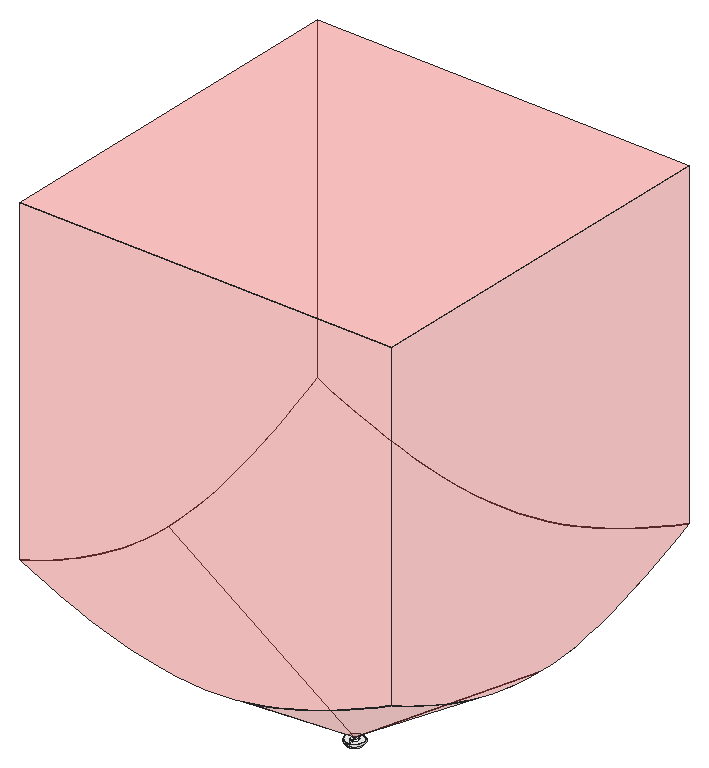
Revit family "Sensor-Lutron-Ceiling-Radio_Powr_Savr-Wireless_Occupancy_and_Vacancy-LRF2-OCR2B-P-WH", category Lighting Devices, host Face, Revit 2021
Family settings
  Host = Face
  Maintain Annotation Orientation = Yes
  Round Connector Dimension = Use Diameter
  Part Type = Normal
  OmniClass Number = 23.85.80.11.27
  OmniClass Title = Lighting Controls
  Cut with Voids When Loaded = No
  Shared = No
  Room Calculation Point = No
Parameters (values of type "LRF2-OCR2B-P-WH")
  Width = 0' - 3 73/128"  # constant formula
  Warranty URL = "https://www.lutron.com/en-US/Service-Support/Pages/Service/Warranty/Warranty.aspx"
  Voltage Comments = "Operating voltage: 3 V"  # constant formula
  Voltage = 3 V  # constant formula
  Video Link = "https://www.youtube.com/user/LutronElectronicsInc"
  Version = "2021 - v1.0a"  # constant formula
  Support Phone = "(224) 699-9545"  # constant formula
  Support Email = "mailto: support@bimsmith.com"
  Sensor Type = "Occupancy/Vacancy"  # constant formula
  Recommended Mounting Height [instance] = "Recommended for 8–12ft (2.4–3.7m) ceilings"  # constant formula
  Product Page URL = "https://www.lutron.com/en-US/Products/Pages/Sensors/Occupancy-Vacancy/WirelessRadioPowrSavr/Overview.aspx"
  Product Name = "Radio Powr Savr Wireless Occupancy Sensor"  # constant formula
  Product Documentation Link = "https://assets.lutron.com/a/documents/369480_ENG.pdf"
  Performance URL = "https://www.lutron.com/en-US/Service-Support/Pages/Technical/PerfomanceSpecs.aspx"
  Minor Motion Coverage Range = "N/A"  # constant formula
  Minimum Operating Temperature [instance] = 32 °F  # constant formula
  Maximum Operating Temperature = 104 °F  # constant formula
  Manufacturer Phone Number = "610-282-3800"  # constant formula
  Manufacturer Fax Number = "610-282-1243"  # constant formula
  Manufacturer Email = "mailto:support@lutron.com"
  Manufacturer Address = "7200 Suter Rd, Coopersburg, PA 18036"  # constant formula
  URL = "http://www.lutron.com"
  Type Comments = ""
  Series = "Radio Powr Savr"  # constant formula
  Sensor Material = Plastic - Lutron - White Gloss
  Model = "LRF2-OCR2B-P-WH"  # constant formula
  Manufacturer = "Lutron Electronics Co., Inc"  # constant formula
  Major Motion Coverage Range = "N/A"  # constant formula
  Major Motion Area Visibility [instance] = yes
  Length = 0' - 3 73/128"  # constant formula
  Keynote = "16500"
  Instruction Sheet Link = "https://assets.lutron.com/a/documents/041754.pdf"
  Infrared Coverage Visibility [instance] = yes
  Finish = Plastic - Lutron - White Gloss
  Field of View = 360.00°  # constant formula
  Description = "Dual Technology Ceiling Mount Occupancy Sensor"  # constant formula
  Depth = 0' - 1 33/256"  # constant formula
  Default Elevation = 0' - 0"
  Coverage Area = "360˚ coverage ranges from 324 ft2 (30.2 m2) to 676 ft2 (62.4 m2), depending on mounting height"  # constant formula
  Coverage = 676.00 SF  # constant formula
  Cost Info = "mailto:sales@lutron.com"
  Cost = 0
  Copyright = "© 2022 Lutron Electronics Co., Inc."  # constant formula
  C CP Right [instance] = 3' - 0"
  C CP Left [instance] = 3' - 0"
  C CP Height [instance] = 8' - 0"
  C CP Front [instance] = 3' - 0"
  C CP Back [instance] = 3' - 0"
  Assembly Code = "D5030800"
Reference planes (in)
  plane 1 "Center (Front/Back)": y = 0
  plane 2: z = 0
  plane 3 "Center (Left/Right)": x = 0
  plane 4: y = 1.78516
  plane 5: y = -1.78516
  plane 6: x = 1.78516
  plane 7: x = -1.78516
  plane 8 "top": z = 1.12891
  plane 9: z = 0.88
  plane 10: x = -36
  plane 11: x = 36
  plane 12: z = 97.12891
  plane 13: y = 36
  plane 14: y = -36
Forms (in)
  Revolve 1, solid, material "Plastic - Lutron - White Gloss" <- "Sensor Material", detail levels medium+fine
    sketch origin (0, 0, 0) x (0, 1, 0) y (0, 0, 1)
      loop
        line (0, 0) -> (0, 1.12891) -> (-0.35326, 1.12891) -> (-0.54098, 1.02909) -> (-0.6836, 0.84309) -> (-0.6836, 0.88) -> (-1.73076, 0.88) -> (-1.76526, 0.8455) -> (-1.78513, 0.56129) -> (-1.29, 0.56129) -> (-1.29, 0) -> (0, 0)
      axis (0, 1.12891) -> (0, 0)
    angle from 0 to 360
  Extrusion 2, solid, material "Plastic - Lutron - White Gloss" <- "Sensor Material", detail levels medium+fine
    sketch origin (0.55649, 0.04687, 0) x (1, 0, 0) y (0, 1, 0)
      loop
        circle (-0.29172, -0.86946) r 0.05409
    from 0.80571 to 0.93139
  Extrusion 3, solid, material "Plastic - Lutron - White Gloss" <- "Sensor Material", detail levels medium+fine
    sketch origin (0, 0.04687, 0) x (1, 0, 0) y (0, 1, 0)
      loop
        circle (-0.29172, -0.86946) r 0.05409
    from 0.80571 to 0.93139
  Revolve 4, solid, material "Plastic - Lutron - White Gloss" <- "Sensor Material", detail levels coarse
    sketch origin (0, 0, 0) x (0, 1, 0) y (0, 0, 1)
      loop
        line (0, 0) -> (0, 1.12891) -> (-0.6836, 1.12891) -> (-0.6836, 0.88) -> (-1.76284, 0.88) -> (-1.78513, 0.56129) -> (-1.29, 0.56129) -> (-1.29, 0) -> (0, 0)
      axis (0, 1.12891) -> (0, 0)
    angle from 0 to 360
Lines and regions (in)
  model lines
    curve 1: line (-0.06509, -0.76849, 0.88) -> (-0.29172, -0.76849, 0.88)
    curve 2: line (-0.06509, -0.87668, 0.88) -> (-0.29172, -0.87668, 0.88)
    curve 3: line (-0.06509, -0.89852, 0.88) -> (-0.29172, -0.89852, 0.88)
    curve 4: line (-0.06509, -0.74665, 0.88) -> (-0.29172, -0.74665, 0.88)
    curve 5: arc (-0.29172, -0.89852, 0.88) -> (-0.36766, -0.82259, 0.88) -> (-0.29172, -0.74665, 0.88) r 0.07594
    curve 6: arc (-0.29172, -0.87668, 0.88) -> (-0.34582, -0.82259, 0.88) -> (-0.29172, -0.76849, 0.88) r 0.05409
    curve 7: line (0.4914, -0.76849, 0.88) -> (0.26477, -0.76849, 0.88)
    curve 8: line (0.4914, -0.87668, 0.88) -> (0.26477, -0.87668, 0.88)
    curve 9: line (0.4914, -0.89852, 0.88) -> (0.26477, -0.89852, 0.88)
    curve 10: line (0.4914, -0.74665, 0.88) -> (0.26477, -0.74665, 0.88)
    curve 11: arc (0.26477, -0.89852, 0.88) -> (0.18883, -0.82259, 0.88) -> (0.26477, -0.74665, 0.88) r 0.07594
    curve 12: arc (0.26477, -0.87668, 0.88) -> (0.21067, -0.82259, 0.88) -> (0.26477, -0.76849, 0.88) r 0.05409
    curve 13: circle (-0.68214, -0.82259, 0.88) r 0.05409 normal (0, 0, 1)
Dimensions and locks (in)
  "Width": plane 4 to plane 5
  equal spacing: plane 4, plane 1 "Center (Front/Back)", plane 5
  "Length": plane 7 to plane 6
  equal spacing: plane 7, plane 3 "Center (Left/Right)", plane 6
  "Depth": plane 8 "top" to host face
  plane 9 to host face = 0' - 0.88"
  "C CP Front": plane 1 "Center (Front/Back)" to plane 14
  "C CP Back": plane 13 to plane 1 "Center (Front/Back)"
  "C CP Height": plane 12 to plane 8 "top"
  "C CP Right": plane 11 to plane 3 "Center (Left/Right)"
  "C CP Left": plane 3 "Center (Left/Right)" to plane 10
  aligned and locked: plane 2 to host face
  aligned and locked: level to host face
  aligned and locked: plane 3 "Center (Left/Right)" to nested 1
  aligned and locked: nested 1 to plane 1 "Center (Front/Back)"
  aligned and locked: nested 1 to plane 8 "top"
Automatic sketch dimensions
  host sketch curve to host sketch curve = 8' - 0"  (x2)
  plane 3 "Center (Left/Right)" to Extrusion 2 sketch curve = 0' - 0.26477"
  plane 1 "Center (Front/Back)" to Extrusion 2 sketch curve = 0' - 0.82259"
  Extrusion 3 sketch curve to plane 3 "Center (Left/Right)" = 0' - 0.29172"
  plane 1 "Center (Front/Back)" to Extrusion 3 sketch curve = 0' - 0.82259"
  curve 5 to curve 6 = 0' - 0"  (x2)
  curve 11 to curve 12 = 0' - 0"  (x2)
  Revolve 1 to curve 7 = 0' - 0.26477"
  curve 6 to Revolve 1 = 0' - 0.29172"
  curve 5 to curve 13 = 0' - 0.39042"
  curve 4 to curve 10 = 0' - 0"
  curve 5 to curve 1 = 0' - 0.02184"
  curve 11 to curve 7 = 0' - 0.02184"
  curve 1 to curve 13 = 0' - 0.05409"
  curve 1 to curve 6 = 0' - 0.05409"
  curve 7 to curve 12 = 0' - 0.05409"
  curve 10 to curve 11 = 0' - 0.22663"
  curve 8 to curve 10 = 0' - 0"
  curve 9 to curve 8 = 0' - 0"
  curve 7 to curve 10 = 0' - 0"
  curve 3 to Revolve 1 = 0' - 0.06509"
  curve 2 to curve 3 = 0' - 0"
  curve 1 to Revolve 1 = 0' - 0.06509"
  curve 4 to curve 1 = 0' - 0"
  Revolve 1 sketch curve to plane 9 = 0' - 0"
  Revolve 1 sketch curve to level = 0' - 0"
  Revolve 1 sketch curve to plane 8 "top" = 0' - 0"
  Revolve 1 sketch curve to plane 1 "Center (Front/Back)" = 0' - 0"  (x2)
  plane 1 "Center (Front/Back)" to Revolve 1 sketch curve = 0' - 0.35326"
  Revolve 1 sketch curve to plane 8 "top" = 0' - 0.09981"
  Revolve 1 sketch curve to Revolve 1 sketch curve = 0' - 0.18772"
  Revolve 1 sketch curve to Revolve 1 sketch curve = 0' - 0.14262"
  plane 5 to Revolve 1 sketch curve = 0' - 0.49516"
  plane 5 to Revolve 1 sketch curve = 0' - 0.05439"
  plane 5 to Revolve 1 sketch curve = 0' - 0.0199"
  plane 5 to Revolve 1 sketch curve = 0' - 0.00003"
  Revolve 1 sketch curve to plane 9 = 0' - 0.31871"
  Revolve 1 sketch curve to plane 9 = 0' - 0.0345"
  Revolve 1 sketch curve to plane 9 = 0' - 0.03691"
  Revolve 1 sketch curve to level = 0' - 0.17381"
  Revolve 1 sketch curve to Revolve 1 sketch curve = 0' - 0.69728"
  Revolve 4 sketch curve to plane 9 = 0' - 0"
  Revolve 4 sketch curve to level = 0' - 0"
  Revolve 4 sketch curve to plane 8 "top" = 0' - 0"
  Revolve 4 sketch curve to plane 1 "Center (Front/Back)" = 0' - 0"  (x2)
  plane 1 "Center (Front/Back)" to Revolve 4 sketch curve = 0' - 0 175/256"
  plane 5 to Revolve 4 sketch curve = 0' - 0.49516"
  plane 5 to Revolve 4 sketch curve = 0' - 0.02231"
  plane 5 to Revolve 4 sketch curve = 0' - 0.00003"
  Revolve 4 sketch curve to plane 9 = 0' - 0.31871"
  Revolve 4 sketch curve to level = 0' - 0.17381"
  Revolve 4 sketch curve to Revolve 4 sketch curve = 0' - 0.69728"
  radius of Extrusion 2 sketch curve = 0' - 0.05409"
  radius of Extrusion 3 sketch curve = 0' - 0.05409"
  radius of curve 13 = 0' - 0.05409"
Nested families (in)
  nested 1: "Nested_PIR Coverage" at (0, 0, 1.12891), CP Cut Height <- "C CP Height", CP Back <- "C CP Back", CP Front <- "C CP Front", CP Left <- "C CP Left", CP Right <- "C CP Right", visible <- "Infrared Coverage Visibility", type "Default"
    with CP Right Safe 3' - 0", CP Right 3' - 0", CP Left Safe 3' - 0", CP Left 3' - 0", CP Front Safe 3' - 0", CP Front 3' - 0", CP Cut Height 8' - 0", CP Back Safe 3' - 0", CP Back 3' - 0", C Cut Height Safe 8' - 0"
Connectors (in)
  electrical at (0, 0, 0)
    settings: on Revolve 1, index 1, voltage 0 V, apparent load 0 VA, apparent load phase1 0 VA, apparent load phase2 0 VA, apparent load phase3 0 VA, power factor 1, load classification "Other", number of poles 1, system type 13, power factor state 1, is connector primary yes, connector utility no, sub classification motor no, connector description "Control Connector"
Definition of nested family "Nested_PIR Coverage"
  Parameters (values of type "Default")
    Start Diameter = 0' - 0.03937"  # constant formula
    Default Elevation = 4' - 0"
    CP Right Safe [instance] = if(and(CP Left = 0' 0", CP Right = 0' 0"), 0' 0 13/128", if(CP Right < 0' 0", 0' 1 51/256", if(CP Right > End Radius, End Radius + 0' 1", CP Right)))  # 6' - 0"
    CP Right [instance] = 6' - 0"
    CP Left Safe [instance] = if(and(CP Left = 0' 0", CP Right = 0' 0"), 0' 0 13/128", if(CP Left < 0' 0", 0' 1 51/256", if(CP Left > End Radius, End Radius + 0' 1", CP Left)))  # 6' - 0"
    CP Left [instance] = 6' - 0"
    CP Front Safe [instance] = if(and(CP Back = 0' 0", CP Front = 0' 0"), 0' 0 13/128", if(CP Front < 0' 0", 0' 1 51/256", if(CP Front > End Radius, End Radius + 0' 1", CP Front)))  # 6' - 0"
    End Radius = 19' - 6 3/256"  # constant formula
    CP Cut Height [instance] = 10' - 0"
    CP Front [instance] = 6' - 0"
    CP Back [instance] = 6' - 0"
    C Cut Height Safe [instance] = if(CP Cut Height < 7' 0", 7' 0", if(CP Cut Height > 13' 0", 13' 0", CP Cut Height))  # 10' - 0"
    CP Back Safe [instance] = if(and(CP Back = 0' 0", CP Front = 0' 0"), 0' 0 13/128", if(CP Back < 0' 0", 0' 0 13/128", if(CP Back > End Radius, End Radius + 0' 1", CP Back)))  # 6' - 0"
  Reference planes (in)
    plane 1 "Center (Front/Back)": y = 0
    plane 2: z = 0
    plane 3 "Center (Left/Right)": x = 0
    plane 4: z = 120
    plane 5: z = 156
    plane 6: y = 72
    plane 7: x = 72
    plane 8: y = -72
    plane 9: x = -72
    plane 10: x = -234.03199
    plane 11: through (0, -60, 0) normal (-0.5546, 0, -0.8321)
  Forms (in)
    Blend 1, solid
      base sketch origin (0, 0, 0) x (1, 0, 0) y (0, 1, 0)
        loop
          circle (0, 0) r 0.01969
      top sketch origin (0, 0, 0) x (1, 0, 0) y (0, 1, 0)
        loop
          circle (0, 0) r 234.01172
      from 0 to 156
    Extrusion 2, void
      sketch origin (0, 0, 0) x (1, 0, 0) y (0, 0, 1)
        loop
          line (-582, 1296) -> (-582, 120) -> (734.46798, 120) -> (734.46798, 1296) -> (-582, 1296)
      from -2726.63529 to 2342.68235
    Extrusion 3, void
      sketch origin (0, 0, 0) x (1, 0, 0) y (0, 1, 0)
        loop
          line (-3096, 3480) -> (-3096, -2904) -> (3192, -2904) -> (3192, 3480) -> (-3096, 3480)
        loop
          line (-72, 72) -> (-72, -72) -> (72, -72) -> (72, 72) -> (-72, 72)
      from 0 to 156
  Cuts and joins
    Extrusion 2, Extrusion 3 cuts Blend 1
  Dimensions and locks (in)
    "C Cut Height Safe": plane 4 to level
    "CP Right Safe": plane 3 "Center (Left/Right)" to plane 7
    "CP Left Safe": plane 9 to plane 3 "Center (Left/Right)"
    "CP Back Safe": plane 1 "Center (Front/Back)" to plane 6
    "CP Front Safe": plane 8 to plane 1 "Center (Front/Back)"
    plane 7 to plane 9 = 12' - 0"
    "Start Diameter": diameter of Blend 1 sketch curve
    "End Radius": radius of Blend 1 sketch curve
    aligned and locked: level to plane 2
    aligned and locked: plane 3 "Center (Left/Right)" to Blend 1 sketch curve  (x2)
    aligned and locked: plane 1 "Center (Front/Back)" to Blend 1 sketch curve  (x2)
    aligned and locked: Extrusion 2 sketch curve to plane 4
    aligned and locked: Extrusion 3 sketch curve to plane 6
    aligned and locked: plane 9 to Extrusion 3 sketch curve
    aligned and locked: plane 8 to Extrusion 3 sketch curve
    aligned and locked: Extrusion 3 sketch curve to plane 7
    aligned and locked: Extrusion 3 to plane 5
    aligned and locked: plane 5 to Blend 1
  Automatic sketch dimensions
    plane 7 to Extrusion 2 sketch curve = 55' - 2.46798"
    plane 7 to Extrusion 3 sketch curve = 260' - 0"
    Extrusion 3 sketch curve to plane 8 = 236' - 0"
    plane 6 to Extrusion 3 sketch curve = 284' - 0"
    Extrusion 2 sketch curve to plane 9 = 42' - 6"
    Extrusion 3 sketch curve to plane 9 = 252' - 0"
    plane 5 to Extrusion 2 sketch curve = 95' - 0"
